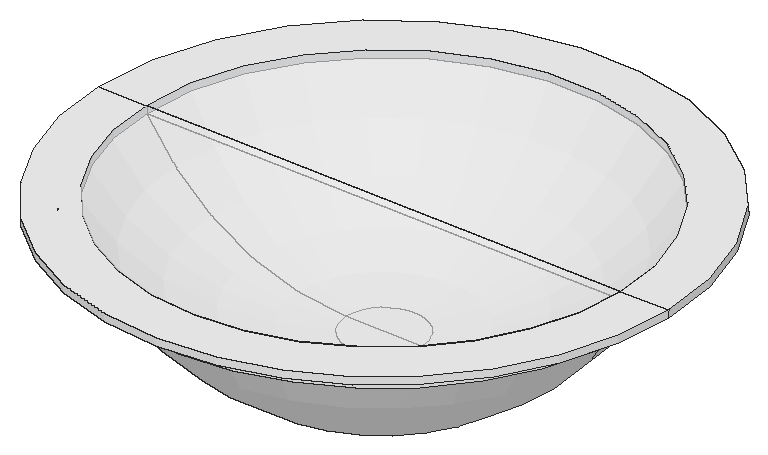
Revit family "0030331 Sylvania Lighting Fixture ST DWNLT 225 IP44 2325LM 840", category Lighting Fixtures, host Face, Revit 2016
Family settings
  Host = Face
  Part Type = Normal
  Round Connector Dimension = Use Diameter
  OmniClass Number = 23.80.70.00
  OmniClass Title = Lighting
  Cut with Voids When Loaded = No
  Light Source = Yes
  Shared = No
  Room Calculation Point = No
Parameters (values of type "0030331 ST DWNLT 225 IP44 2325LM 840")
  Weight = "kg"
  Wattage Comments = ""
  Wattage = 25 W
  WarrantyStartDate [instance] = "n/a"
  WarrantyGuarantorParts = "n/a"
  WarrantyDurationUnit = "n/a"
  WarrantyDurationParts = "n/a"
  WarrantyDescription = "n/a"
  built-in parameter 1150110 = 1 (stored number, unit not read)
  Voltage = 230 V
  URL = "http://www.sylvania-lighting.com"
  TypeName = "ST DWNLT 225 IP44 2325LM 840"
  Type Image = <None>
  Type Comments = "n/a"
  built-in parameter 1114217 = 1 (stored number, unit not read)
  Tilt Angle = -90.00°
  built-in parameter 1150109 = 1 (stored number, unit not read)
  built-in parameter 1150134 = 12
  built-in parameter 1150113 = 1 (stored number, unit not read)
  SerialNumber [instance] = "n/a"
  S_SYL = no
  RadiusTop_SYL = if(S_SYL, 80 mm, if(M_SYL, 100 mm, if(L_SYL, 120 mm, 120 mm)))  # 120 mm
  Photometric Web File = "0030331.ies"
  Material_3_FEILO = Top-Sylvania-STARTDownlight
  PowerFactor = 0.9
  PowerConsumption = "25 W"
  NominalLength = 240 mm
  NominalHeight = 62 mm
  NominalDepth = 240 mm
  Name = "ST DWNLT 225 IP44 2325LM 840"
  ModelReference = Name  # "ST DWNLT 225 IP44 2325LM 840"
  ModelNumber = "0030331"
  Model = Name  # "ST DWNLT 225 IP44 2325LM 840"
  Material = "aluminium housing, polycarbonate diffuser"
  ManufacturerName = "Feilo Sylvania"
  Manufacturer = "Feilo Sylvania"
  M_SYL = no
  LuminousEfficacy = "93 lm/W"
  built-in parameter 1150105 = 1269 (stored number, unit not read)
  Lumens = 2325 lm
  LuminaireType = ""
  built-in parameter 1150115 = 1 (stored number, unit not read)
  LightOutputRatio = "100"
  built-in parameter 1150137 = (empty or 0)
  built-in parameter 1150139 = (empty or 0)
  LampsType = Lamp  # "LED"
  LampNominalLuminous = "2325 lm"
  LampMacAdamStep = "5"
  LampColourTemperature = "4000 K"
  LampColourRenderingIndex = "80"
  built-in parameter 1150112 = 1 (stored number, unit not read)
  built-in parameter 1150114 = 1 (stored number, unit not read)
  Lamp = "LED"
  L_SYL = no
  Keynote = "16500"
  InstallationDate [instance] = "n/a"
  InputVoltage = "220-240V~"
  InputNominalFrequency = "50/60 Hz"
  built-in parameter 1150132 = (empty or 0)
  built-in parameter 1150102 = (empty or 0)
  built-in parameter 1150107 = 4000 (stored number, unit not read)
  built-in parameter 1150138 = (empty or 0)
  IngressProtection = "IP20/44"
  ImpactProtectionIndex = "IK07"
  built-in parameter 1150106 = 12.69 (stored number, unit not read)
  IfcExportType = "IfcLightFixtureType"
  IfcExportAs = "IfcLightFixtureType"
  Height_SYL = if(S_SYL, 41 mm, if(M_SYL, 47 mm, if(L_SYL, 56 mm, 62 mm)))  # 62 mm
  ExpectedLife = 50000
  Emit from Circle Diameter = Diameter_SYL - 40 mm  # 200 mm
  Emit Shape Visible in Rendering = no
  ElectricShockClassification = "Class II"
  built-in parameter 1150104 = 8.64 (stored number, unit not read)
  DurationUnit = "hours"
  DocumentationLiterature = "http://www.sylvania-lighting.com/product/en-int/products/0030331"
  DimmingControlOptions = "Non dimmable"
  Material_2_FEILO = Diffuser-Sylvania-STARTDownlight
  Dimming Lamp Color Temperature Shift = <None>
  Diameter_SYL = if(S_SYL, 164 mm, if(M_SYL, 193 mm, if(L_SYL, 220 mm, 240 mm)))  # 240 mm
  DiameterTop_SYL = if(S_SYL, 77 mm, if(M_SYL, 81 mm, if(L_SYL, 104 mm, 105 mm)))  # 105 mm
  DiameterRecess_SYL = if(S_SYL, 141 mm, if(M_SYL, 169 mm, if(L_SYL, 198 mm, 216 mm)))  # 216 mm
  Description = ""
  Default Elevation = 1219.2 mm
  CreatedOn = "8/1/2018"
  CreatedBy = "@sylvania-lighting.com"
  Cost = 0
  Color Filter = 16777215
  built-in parameter 1114216 [instance] = (empty or 0)
  ClassificationValue = "EF_70_80"
  ClassificationName = "Uniclass2015"
  Material_1_FEILO = Trim-Sylvania-STARTDownlight-White
  BarCode [instance] = "n/a"
  built-in parameter 1114218 = 1 (stored number, unit not read)
  built-in parameter 1150133 = 10 (stored number, unit not read)
  AssetType = "Fixed"
  AssetIdentifier [instance] = "n/a"
  Assembly Code = "D5020200"
  Apparent Load = 25 VA
  Material_4_FEILO = LED-Sylvania-STARTDownlight
Reference planes
  plane 1 "Center (Front/Back)": y = 0
  plane 2: z = 0
  plane 3 "Center (Left/Right)": x = 0
  plane 4: x = 120
  plane 5: x = -120
  plane 6: z = 3
  plane 7: z = -8
  plane 8: z = -57
  plane 9: z = -59
  plane 10: x = -108
  plane 11: x = 108
  plane 12: x = -52.5
  plane 13: x = 52.5
  plane 14: x = -100
  plane 15: x = 100
  plane 16: z = -85
  plane 17: x = -100
  plane 18: z = 2
  plane 19: z = -47
  plane 20: x = -16
Forms (mm)
  Revolve 1, solid
    sketch origin (0, 0, 0) x (1, 0, 0) y (0, 0, 1)
      loop
        line (-120, 3) -> (-120, 0) -> (-108, 0) -> (-108, -8) -> (-100, -8)
        arc (-100, -8) -> (-79.807, -35.948) -> (-52.5, -57) r 120
        line (-52.5, -57) -> (0, -57) -> (0, -47) -> (-16, -47)
        arc (-16, -47) -> (-64.127, -34.451) -> (-100, 0) r 98.564
        line (-100, 0) -> (-100, 3) -> (-120, 3)
      axis (0, 3) -> (0, -57)
    angle from 360 to 0
  Revolve 2, void
    sketch origin (0, 0, 0) x (1, 0, 0) y (0, 0, 1)
      loop
        line (0, 0) -> (-108, 0) -> (-108, -85) -> (0, -85) -> (0, 0)
      axis (0, 0) -> (0, -85)
    angle from 360 to 0
  Revolve 3, solid, material "Diffuser-Sylvania-STARTDownlight" <- "Material_2_FEILO"
    sketch origin (0, 0, 0) x (1, 0, 0) y (0, 0, 1)
      loop
        line (-100, 3) -> (-100, 0) -> (0, 0) -> (0, 3) -> (-100, 3)
      axis (0, 3) -> (0, 0)
    angle from 360 to 0
Dimensions and locks
  equal spacing: plane 4, plane 3 "Center (Left/Right)", plane 5
  "Diameter_SYL": plane 4 to plane 5
  equal spacing: plane 11, plane 3 "Center (Left/Right)", plane 10
  equal spacing: plane 13, plane 3 "Center (Left/Right)", plane 12
  "DiameterTop_SYL": plane 13 to plane 12
  equal spacing: plane 15, plane 3 "Center (Left/Right)", plane 14
  locked: plane 6 to plane 2 at 3
  "Height_SYL": plane 6 to plane 9
  locked: plane 8 to plane 9 at 2
  locked: plane 2 to plane 7 at 8
  locked: plane 2 to plane 16 at 85
  locked: plane 17 to plane 5 at 20
  locked: plane 6 to plane 18 at 1
  "DiameterRecess_SYL": plane 11 to plane 10
  locked: plane 19 to plane 8 at 10
  locked: plane 3 "Center (Left/Right)" to plane 20 at 16
  locked: plane 14 to plane 5 at 20
  "RadiusTop_SYL": radius of Revolve 1 sketch curve
  aligned and locked: plane 2 to host face
  aligned and locked: level to host face
  aligned and locked: Revolve 1 sketch curve to plane 5
  aligned and locked: Revolve 1 sketch curve to level
  aligned and locked: plane 7 to Revolve 1 sketch curve
  aligned and locked: Revolve 1 sketch curve to plane 10
  aligned and locked: plane 14 to Revolve 1 sketch curve
  aligned and locked: plane 3 "Center (Left/Right)" to Revolve 1 sketch curve
  aligned and locked: Revolve 1 sketch curve to plane 8
  aligned and locked: Revolve 1 sketch curve to plane 3 "Center (Left/Right)"
  aligned and locked: Revolve 2 sketch curve to plane 3 "Center (Left/Right)"
  aligned and locked: plane 3 "Center (Left/Right)" to Revolve 2 sketch curve
  aligned and locked: Revolve 2 sketch curve to plane 10
  aligned and locked: plane 16 to Revolve 2 sketch curve
  aligned and locked: Revolve 1 sketch curve to plane 6
  aligned and locked: plane 19 to Revolve 1 sketch curve
  aligned and locked: plane 20 to Revolve 1 sketch curve
  aligned and locked: Revolve 1 sketch curve to Revolve 1 sketch curve
  aligned and locked: plane 17 to Revolve 1 sketch curve
  aligned and locked: plane 2 to Revolve 1 sketch curve
  aligned and locked: Revolve 3 sketch curve to plane 3 "Center (Left/Right)"  (x2)
  aligned and locked: plane 3 "Center (Left/Right)" to imposter light
  aligned and locked: imposter light to plane 18
  aligned and locked: imposter light to plane 1 "Center (Front/Back)"
  aligned and locked: plane 14 to Revolve 3 sketch curve
Automatic sketch dimensions
  host sketch curve to host sketch curve = 2438.4 mm  (x2)
  plane 16 to Revolve 2 sketch curve = 524.6 mm
  Revolve 2 sketch curve to plane 6 = 2606.058 mm
  Revolve 1 sketch curve to plane 12 = 0 mm
  plane 16 to Revolve 1 sketch curve = 524.6 mm
  Revolve 1 sketch curve to Revolve 1 sketch curve = 2581.366 mm
  Revolve 2 sketch curve to level = 0 mm
  Revolve 3 sketch curve to plane 6 = 0 mm
  Revolve 3 sketch curve to level = 0 mm
  plane 16 to Revolve 3 sketch curve = 524.6 mm
  Revolve 3 sketch curve to Revolve 3 sketch curve = 2606.058 mm
Connectors
  electrical at (0, 0, 0), driven by "Apparent Load", driven by "PowerFactor", driven by "Voltage"
    settings: index 1, voltage 230 V, apparent load 25 VA, apparent load phase1 0 VA, apparent load phase2 0 VA, apparent load phase3 0 VA, power factor 0.9, load classification "Lighting", number of poles 1, system type 30, power factor state 1, is connector primary yes, connector utility no, sub classification motor no, connector description ""
